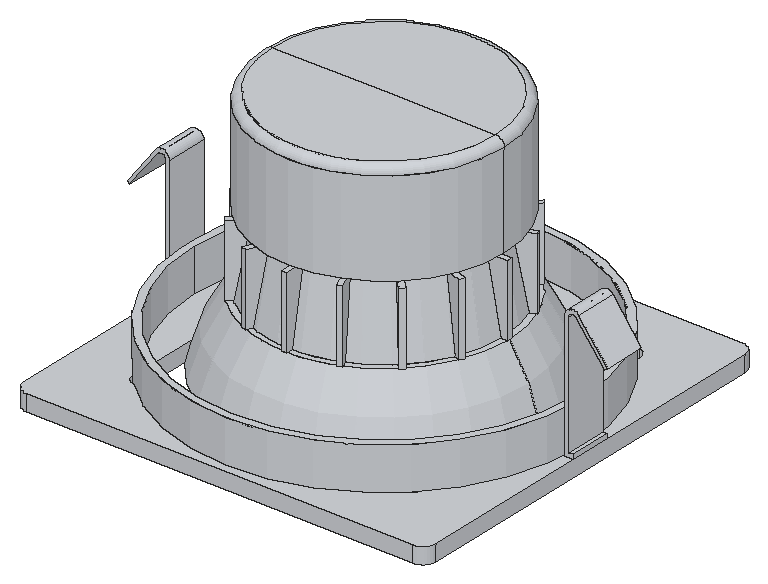
Revit family "Alcon-14083-Revit-Family", category Lighting Fixtures, host Ceiling, Revit 2021
Family settings
  Host = Ceiling
  Round Connector Dimension = Use Diameter
  Part Type = Normal
  Always vertical = Yes
  Cut with Voids When Loaded = Yes
  Light Source = Yes
  Shared = No
  Room Calculation Point = No
Parameters (values of type "Type 1")
  Wattage = 9.2903 W
  built-in parameter 1150110 = 1 (stored number, unit not read)
  built-in parameter 1114217 = 1 (stored number, unit not read)
  Tilt Angle = 90.00°
  built-in parameter 1150109 = 1 (stored number, unit not read)
  built-in parameter 1150134 = 3
  built-in parameter 1150113 = 1 (stored number, unit not read)
  built-in parameter 1010507 = 1.5708 (stored number, unit not read)
  built-in parameter 1010506 = 0.5236 (stored number, unit not read)
  Product Identity = "Alcon Lighting 14083"
  Manufacturer = "Alcon Light"
  built-in parameter 1150105 = 4614.1 (stored number, unit not read)
  Lumens = 1380 lm
  built-in parameter 1150115 = 1 (stored number, unit not read)
  Link To Product Page = "https://www.alconlighting.com/boost-14083.html"
  Light Source Symbol Length = 10' - 0"
  Light Source = none
  built-in parameter 1150137 = (empty or 0)
  built-in parameter 1150139 = (empty or 0)
  built-in parameter 1150112 = 1 (stored number, unit not read)
  built-in parameter 1150114 = 1 (stored number, unit not read)
  built-in parameter 1150132 = (empty or 0)
  built-in parameter 1150102 = (empty or 0)
  built-in parameter 1150107 = 3200 (stored number, unit not read)
  built-in parameter 1150138 = (empty or 0)
  built-in parameter 1150106 = 46.141 (stored number, unit not read)
  Housing = none
  Emit from Rectangle Width = 0' - 3 7/8"
  Emit from Rectangle Length = 0' - 3 7/8"
  Emit Shape Visible in Rendering = no
  built-in parameter 1150104 = 13.8 (stored number, unit not read)
  Driver = none
  Dimming Lamp Color Temperature Shift = <None>
  Default Elevation = 0' - 0"
  Color Filter = 16777215
  built-in parameter 1114218 = 1 (stored number, unit not read)
  built-in parameter 1150133 = 10 (stored number, unit not read)
Reference planes (in)
  plane 1 "Center (Front/Back)": y = 0
  plane 2: z = 0
  plane 3 "Center (Left/Right)": x = 0
  plane 4 "Ceiling": z = 157.48031
Forms (in)
  Extrusion 1, void
    sketch origin (0, 0, 157.48031) x (0, 1, 0) y (-1, 0, 0)
      loop
        arc (2.4375, 2.28188) -> (2.39192, 2.39192) -> (2.28188, 2.4375) r 0.15562
        line (2.28188, 2.4375) -> (-2.28188, 2.4375)
        arc (-2.28188, 2.4375) -> (-2.39192, 2.39192) -> (-2.4375, 2.28188) r 0.15562
        line (-2.4375, 2.28188) -> (-2.4375, -2.28188)
        arc (-2.4375, -2.28188) -> (-2.39192, -2.39192) -> (-2.28188, -2.4375) r 0.15562
        line (-2.28188, -2.4375) -> (2.28188, -2.4375)
        arc (2.28188, -2.4375) -> (2.39192, -2.39192) -> (2.4375, -2.28188) r 0.15562
        line (2.4375, -2.28188) -> (2.4375, 2.28188)
    from -0.708 to 0.44396
  Extrusion 2, solid, material <- "Housing"
    sketch origin (0, 0, 157.48031) x (0, 1, 0) y (-1, 0, 0)
      loop
        arc (2.4375, 2.28188) -> (2.39192, 2.39192) -> (2.28188, 2.4375) r 0.15562
        line (2.28188, 2.4375) -> (-2.28188, 2.4375)
        arc (-2.28188, 2.4375) -> (-2.39192, 2.39192) -> (-2.4375, 2.28188) r 0.15562
        line (-2.4375, 2.28188) -> (-2.4375, -2.28188)
        arc (-2.4375, -2.28188) -> (-2.39192, -2.39192) -> (-2.28188, -2.4375) r 0.15562
        line (-2.28188, -2.4375) -> (2.28188, -2.4375)
        arc (2.28188, -2.4375) -> (2.39192, -2.39192) -> (2.4375, -2.28188) r 0.15562
        line (2.4375, -2.28188) -> (2.4375, 2.28188)
      loop
        line (1.75, -1.60926) -> (1.75, 1.60926)
        arc (1.75, 1.60926) -> (1.71793, 1.68668) -> (1.64051, 1.71875) r 0.10949
        line (1.64051, 1.71875) -> (-1.57801, 1.71875)
        arc (-1.57801, 1.71875) -> (-1.65543, 1.68668) -> (-1.6875, 1.60926) r 0.10949
        line (-1.6875, 1.60926) -> (-1.6875, -1.60926)
        arc (-1.6875, -1.60926) -> (-1.65543, -1.68668) -> (-1.57801, -1.71875) r 0.10949
        line (-1.57801, -1.71875) -> (1.64051, -1.71875)
        arc (1.64051, -1.71875) -> (1.71793, -1.68668) -> (1.75, -1.60926) r 0.10949
    from -0.18892 to 0
  Revolve 3, solid, material <- "Housing"
    sketch origin (0, 0, 0) x (1, 0, 0) y (0, 0, 1)
      loop
        line (0, 159.20086) -> (0, 160.4164) -> (-1.31871, 160.4164)
        arc (-1.31871, 160.4164) -> (-1.3894, 160.38712) -> (-1.41868, 160.31643) r 0.09997
        line (-1.41868, 160.31643) -> (-1.41868, 159.20086) -> (0, 159.20086)
      axis (0, 159.20086) -> (0, 160.4164)
    angle from 0 to 360
  Revolve 4, solid, material <- "Housing"
    sketch origin (0, 0, 318.40173) x (1, 0, 0) y (0, 0, 1)
      loop
        line (0, -159.24579) -> (-1.2395, -159.24579) -> (-1.40467, -160.0955) -> (0, -160.0955) -> (0, -159.24579)
      axis (0, -159.24579) -> (0, -160.0955)
    angle from 0 to 360
  Revolve 5, solid, material <- "Housing"
    sketch origin (0, 0, -1.78928) x (1, 0, 0) y (0, 0, 1)
      loop
        arc (-1.78478, 159.26959) -> (-1.63515, 159.70115) -> (-1.40467, 160.0955) r 2.34402
        line (-1.40467, 160.0955) -> (-1.4813, 160.0955)
        arc (-1.4813, 160.0955) -> (-1.70429, 159.69997) -> (-1.84902, 159.26959) r 2.40652
        line (-1.84902, 159.26959) -> (-1.78478, 159.26959)
      axis (0, 159.26959) -> (0, 160.0955)
    angle from 0 to 360
  Extrusion 6, solid, material <- "Driver"
    sketch origin (0, 0, 0) x (1, 0, 0) y (0, 0, 1)
      loop
        line (-1.40467, 158.30622) -> (-1.2395, 159.15593) -> (-1.4813, 159.15593) -> (-1.4813, 158.30622) -> (-1.40467, 158.30622)
    from -0.03125 to 0.03125
  Extrusion 7, solid, material <- "Driver"
    sketch origin (0, 0, 0) x (-1, 0, 0) y (0, 0, -1)
      loop
        line (-1.40467, -158.30622) -> (-1.4813, -158.30622) -> (-1.4813, -159.15593) -> (-1.2395, -159.15593) -> (-1.40467, -158.30622)
    from -0.03125 to 0.03125
  Extrusion 8, solid, material <- "Driver"
    sketch origin (0, 0, 0) x (0, 1, 0) y (0, 0, 1)
      loop
        line (-1.40467, 158.30622) -> (-1.2395, 159.15593) -> (-1.4813, 159.15593) -> (-1.4813, 158.30622) -> (-1.40467, 158.30622)
    from -0.03125 to 0.03125
  Extrusion 9, solid, material <- "Driver"
    sketch origin (0, 0, 0) x (0, -1, 0) y (0, 0, -1)
      loop
        line (-1.40467, -158.30622) -> (-1.4813, -158.30622) -> (-1.4813, -159.15593) -> (-1.2395, -159.15593) -> (-1.40467, -158.30622)
    from -0.03125 to 0.03125
  Extrusion 10, solid, material <- "Driver"
    sketch origin (0, 0, 0) x (0.707107, 0.707107, 0) y (0, 0, 1)
      loop
        line (-1.40467, 158.30622) -> (-1.2395, 159.15593) -> (-1.4813, 159.15593) -> (-1.4813, 158.30622) -> (-1.40467, 158.30622)
    from -0.03125 to 0.03125
  Extrusion 11, solid, material <- "Driver"
    sketch origin (0, 0, 0) x (-0.707107, -0.707107, 0) y (0, 0, -1)
      loop
        line (-1.40467, -158.30622) -> (-1.4813, -158.30622) -> (-1.4813, -159.15593) -> (-1.2395, -159.15593) -> (-1.40467, -158.30622)
    from -0.03125 to 0.03125
  Extrusion 12, solid, material <- "Driver"
    sketch origin (0, 0, 0) x (-0.707107, 0.707107, 0) y (0, 0, 1)
      loop
        line (-1.40467, 158.30622) -> (-1.2395, 159.15593) -> (-1.4813, 159.15593) -> (-1.4813, 158.30622) -> (-1.40467, 158.30622)
    from -0.03125 to 0.03125
  Extrusion 13, solid, material <- "Driver"
    sketch origin (0, 0, 0) x (0.707107, -0.707107, 0) y (0, 0, -1)
      loop
        line (-1.40467, -158.30622) -> (-1.4813, -158.30622) -> (-1.4813, -159.15593) -> (-1.2395, -159.15593) -> (-1.40467, -158.30622)
    from -0.03125 to 0.03125
  Extrusion 14, solid, material <- "Driver"
    sketch origin (0, 0, 0) x (0.92388, 0.382683, 0) y (0, 0, 1)
      loop
        line (-1.40467, 158.30622) -> (-1.2395, 159.15593) -> (-1.4813, 159.15593) -> (-1.4813, 158.30622) -> (-1.40467, 158.30622)
    from -0.03125 to 0.03125
  Extrusion 15, solid, material <- "Driver"
    sketch origin (0, 0, 0) x (-0.92388, -0.382683, 0) y (0, 0, -1)
      loop
        line (-1.40467, -158.30622) -> (-1.4813, -158.30622) -> (-1.4813, -159.15593) -> (-1.2395, -159.15593) -> (-1.40467, -158.30622)
    from -0.03125 to 0.03125
  Extrusion 16, solid, material <- "Driver"
    sketch origin (0, 0, 0) x (-0.382683, 0.92388, 0) y (0, 0, 1)
      loop
        line (-1.40467, 158.30622) -> (-1.2395, 159.15593) -> (-1.4813, 159.15593) -> (-1.4813, 158.30622) -> (-1.40467, 158.30622)
    from -0.03125 to 0.03125
  Extrusion 17, solid, material <- "Driver"
    sketch origin (0, 0, 0) x (0.382683, -0.92388, 0) y (0, 0, -1)
      loop
        line (-1.40467, -158.30622) -> (-1.4813, -158.30622) -> (-1.4813, -159.15593) -> (-1.2395, -159.15593) -> (-1.40467, -158.30622)
    from -0.03125 to 0.03125
  Extrusion 18, solid, material <- "Driver"
    sketch origin (0, 0, 0) x (0.382683, 0.92388, 0) y (0, 0, 1)
      loop
        line (-1.40467, 158.30622) -> (-1.2395, 159.15593) -> (-1.4813, 159.15593) -> (-1.4813, 158.30622) -> (-1.40467, 158.30622)
    from -0.03125 to 0.03125
  Extrusion 19, solid, material <- "Driver"
    sketch origin (0, 0, 0) x (-0.382683, -0.92388, 0) y (0, 0, -1)
      loop
        line (-1.40467, -158.30622) -> (-1.4813, -158.30622) -> (-1.4813, -159.15593) -> (-1.2395, -159.15593) -> (-1.40467, -158.30622)
    from -0.03125 to 0.03125
  Extrusion 20, solid, material <- "Driver"
    sketch origin (0, 0, 0) x (-0.92388, 0.382683, 0) y (0, 0, 1)
      loop
        line (-1.40467, 158.30622) -> (-1.2395, 159.15593) -> (-1.4813, 159.15593) -> (-1.4813, 158.30622) -> (-1.40467, 158.30622)
    from -0.03125 to 0.03125
  Extrusion 21, solid, material <- "Driver"
    sketch origin (0, 0, 0) x (0.92388, -0.382683, 0) y (0, 0, -1)
      loop
        line (-1.40467, -158.30622) -> (-1.4813, -158.30622) -> (-1.4813, -159.15593) -> (-1.2395, -159.15593) -> (-1.40467, -158.30622)
    from -0.03125 to 0.03125
  Extrusion 22, solid, material <- "Housing"
    sketch origin (0, 0, 157.48031) x (0, 1, 0) y (-1, 0, 0)
      loop
        circle (0, 0) r 2.25043
      loop
        circle (0, 0) r 2.33819
    from 0 to 0.50117
  Extrusion 23, solid
    sketch origin (0, 0, 0) x (1, 0, 0) y (0, 0, 1)
      loop
        line (-2.33819, 157.48031) -> (-2.33819, 158.97314)
        arc (-2.33819, 158.97314) -> (-2.40085, 159.06017) -> (-2.50327, 159.02837) r 0.09178
        line (-2.50327, 159.02837) -> (-2.83898, 158.58287) -> (-2.805, 158.55726) -> (-2.47, 159.00183)
        arc (-2.47, 159.00183) -> (-2.41868, 159.01776) -> (-2.38728, 158.97415) r 0.04599
        line (-2.38728, 158.97415) -> (-2.38728, 157.53791) -> (-2.4375, 157.53791) -> (-2.4375, 157.48031) -> (-2.33819, 157.48031)
    from -0.25 to 0.25
  Extrusion 24, solid
    sketch origin (0, 0, 0) x (-1, 0, 0) y (0, 0, -1)
      loop
        line (-2.33819, -157.48031) -> (-2.4375, -157.48031) -> (-2.4375, -157.53791) -> (-2.38728, -157.53791) -> (-2.38728, -158.97415)
        arc (-2.38728, -158.97415) -> (-2.41868, -159.01776) -> (-2.47, -159.00183) r 0.04599
        line (-2.47, -159.00183) -> (-2.805, -158.55726) -> (-2.83898, -158.58287) -> (-2.50327, -159.02837)
        arc (-2.50327, -159.02837) -> (-2.40085, -159.06017) -> (-2.33819, -158.97314) r 0.09178
        line (-2.33819, -158.97314) -> (-2.33819, -157.48031)
    from -0.25 to 0.25
  Revolve 25, solid, material <- "Light Source"
    sketch origin (0, 0, -2.43876) x (1, 0, 0) y (0, 0, 1)
      loop
        line (0, 160.36303) -> (0, 160.42024) -> (-1.5956, 160.42024)
        arc (-1.5956, 160.42024) -> (-1.61019, 160.39195) -> (-1.6235, 160.36303) r 0.71895
        line (-1.6235, 160.36303) -> (0, 160.36303)
      axis (0, 160.36303) -> (0, 160.42024)
    angle from 0 to 360
Dimensions and locks (in)
  equal spacing: host sketch curve, plane 3 "Center (Left/Right)", host sketch curve
  equal spacing: host sketch curve, plane 1 "Center (Front/Back)", host sketch curve
  host sketch curve to host sketch curve = 13' - 1.48031"  (x2)
  plane 4 "Ceiling" to host ceiling = 0' - 0"
